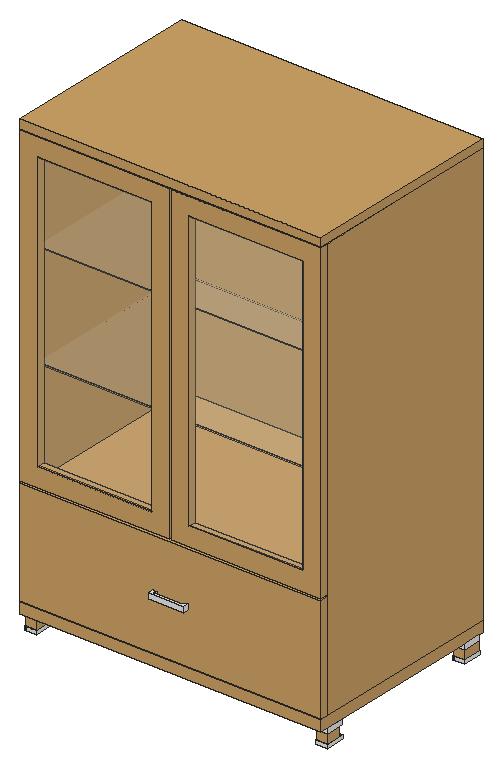
Revit family
Parameters (values of type "850x570x1300mm")
  Manufacturer = ""
  Model = ""
  폭 = 850 mm
  상단 면 재료 = 목재 - 티크, 폭, 약함
  지지 재료 = 목재 - 티크, 폭, 약함
  측면 재료 = 목재 - 티크, 길이, 약함
  중간 재료 = 목재 - 티크, 폭, 약함
  다리 재료 = 목재 - 티크, 길이, 약함
  선반 재료 = 흰색 유리
  손잡이 재료 = 금속 - 크롬(2)
  유리 문 재료 = 흰색 유리
  프레임 재료 = 금속 - 크롬(2)
  서랍 재료 = 목재 - 티크, 폭, 약함
  문 재료 = 목재 - 티크, 길이, 약함
  깊이 = 570 mm
  십자가 조각 재료 = 금속 - 크롬(2)
Types (4, lengths in mm): name | 폭 | 깊이
  (no name) | 850 | 570
  798x530x1300mm | 798 | 530
  820x550x1300mm | 820 | 550
  850x570x1300mm | 850 | 570
Reference planes
  plane 1 "중심(앞/뒤)": y = 8.5
  plane 2: z = 0
  plane 3 "중심(왼쪽/오른쪽)": x = 0
  plane 4: y = 313.5
  plane 5: y = -256.5
  plane 6: x = -425
  plane 7: x = 425
  plane 8: x = -395
  plane 9: x = 395
  plane 10: y = 300
  plane 11: y = 280
  plane 12: y = -236.5
  plane 13: y = -234.5
  plane 14: x = -380
  plane 15: x = 380
  plane 16: y = -185
  plane 17: z = 1300
  plane 18: z = 1275
  plane 19: z = 50
  plane 20: z = 35
  plane 21: z = 10
  plane 22: z = 80
  plane 23: z = 82
  plane 24: z = 382
  plane 25: z = 379.5
  plane 26: z = 384.5
  plane 27: z = 387
  plane 28: z = 389.5
  plane 29: x = -50
  plane 30: x = 50
  plane 31: x = -2.5
  plane 32: x = 2.5
  plane 33: z = 1273
  plane 34: z = 684.5
  plane 35: z = 979.5
  plane 36: z = 686.5
  plane 37: z = 682.5
  plane 38: z = 981.5
  plane 39: z = 977.5
  plane 40: y = -255
  plane 41: y = -253
  plane 42: y = -257
  plane 43: y = 250
  plane 44: z = 234
  plane 45: z = 241.5
  plane 46: z = 226.5
Forms (mm)
  Extrusion 1, solid, material "목재 - 티크, 길이, 약함" <- "측면 재료"
    sketch origin (0, 0, 0) x (1, 0, 0) y (0, 1, 0)
      loop
        line (-425, 313.5) -> (-425, -234.5) -> (-395, -234.5) -> (-395, 313.5) -> (-425, 313.5)
      loop
        line (425, 313.5) -> (395, 313.5) -> (395, -234.5) -> (425, -234.5) -> (425, 313.5)
    from 80 to 1275
  Extrusion 2, solid, material "목재 - 티크, 길이, 약함" <- "측면 재료"
    sketch origin (0, 0, 0) x (1, 0, 0) y (0, 1, 0)
      loop
        line (-395, 300) -> (-395, 280) -> (395, 280) -> (395, 300) -> (-395, 300)
    from 80 to 1275
  Extrusion 3, solid, material "목재 - 티크, 폭, 약함" <- "지지 재료"
    sketch origin (0, 0, 0) x (1, 0, 0) y (0, 1, 0)
      loop
        line (-425, 313.5) -> (-425, -256.5) -> (425, -256.5) -> (425, 313.5) -> (-425, 313.5)
    from 50 to 80
  Extrusion 4, solid, material "목재 - 티크, 폭, 약함" <- "상단 면 재료"
    sketch origin (0, 0, 0) x (1, 0, 0) y (0, 1, 0)
      loop
        line (-425, 313.5) -> (-425, -256.5) -> (425, -256.5) -> (425, 313.5) -> (-425, 313.5)
    from 1275 to 1300
  Extrusion 5, solid, material "목재 - 티크, 폭, 약함" <- "중간 재료"
    sketch origin (0, 0, 0) x (1, 0, 0) y (0, 1, 0)
      loop
        line (-395, 280) -> (-395, -234.5) -> (395, -234.5) -> (395, 280) -> (-395, 280)
    from 379.5 to 389.5
  Extrusion 6, solid, material "목재 - 티크, 폭, 약함" <- "서랍 재료"
    sketch origin (0, 0, 0) x (1, 0, 0) y (0, 1, 0)
      loop
        line (-425, -236.5) -> (-425, -256.5) -> (425, -256.5) -> (425, -236.5) -> (-425, -236.5)
    from 82 to 382
  Extrusion 7, solid, material "목재 - 티크, 길이, 약함" <- "문 재료"
    sketch origin (0, 8.5, 0) x (1, 0, 0) y (0, 0, 1)
      loop
        line (-425, 1273) -> (-425, 387) -> (-2.5, 387) -> (-2.5, 1273) -> (-425, 1273)
      loop
        line (-375, 1223) -> (-375, 439.5) -> (-52.5, 439.5) -> (-52.5, 1223) -> (-375, 1223)
      loop
        line (425, 1273) -> (2.5, 1273) -> (2.5, 387) -> (425, 387) -> (425, 1273)
      loop
        line (375, 1223) -> (52.5, 1223) -> (52.5, 439.5) -> (375, 439.5) -> (375, 1223)
    from 245 to 265
  Extrusion 8, solid, material "흰색 유리" <- "선반 재료"
    sketch origin (0, 0, 0) x (1, 0, 0) y (0, 1, 0)
      loop
        line (-395, 280) -> (-395, -234.5) -> (395, -234.5) -> (395, 280) -> (-395, 280)
    from 977.5 to 981.5
  Extrusion 9, solid, material "흰색 유리" <- "선반 재료"
    sketch origin (0, 0, 0) x (1, 0, 0) y (0, 1, 0)
      loop
        line (-395, 280) -> (-395, -234.5) -> (395, -234.5) -> (395, 280) -> (-395, 280)
    from 682.5 to 686.5
  Extrusion 10, solid, material "흰색 유리" <- "유리 문 재료"
    sketch origin (0, 0, 0) x (1, 0, 0) y (0, 1, 0)
      loop
        line (-375, -257) -> (-52.5, -257) -> (-52.5, -253) -> (-375, -253) -> (-375, -257)
      loop
        line (375, -257) -> (375, -253) -> (52.5, -253) -> (52.5, -257) -> (375, -257)
    from 439.5 to 1223
  Extrusion 11, solid, material "금속 - 크롬(2)" <- "십자가 조각 재료"
    sketch origin (0, 8.5, 0) x (1, 0, 0) y (0, 0, 1)
      loop
        line (-425, 50) -> (-425, 35) -> (-395, 35) -> (-380, 50) -> (-425, 50)
      loop
        line (425, 50) -> (380, 50) -> (395, 35) -> (425, 35) -> (425, 50)
    from 193.5 to 243
  Extrusion 12, solid, material "금속 - 크롬(2)" <- "십자가 조각 재료"
    sketch origin (0, 0, 0) x (1, 0, 0) y (0, 0, -1)
      loop
        line (-425, -50) -> (-380, -50) -> (-395, -35) -> (-425, -35) -> (-425, -50)
      loop
        line (425, -50) -> (425, -35) -> (395, -35) -> (380, -50) -> (425, -50)
    from 250 to 300
  Extrusion 13, solid, material "목재 - 티크, 길이, 약함" <- "다리 재료"
    sketch origin (0, 0, 0) x (1, 0, 0) y (0, 1, 0)
      loop
        line (-395, 250) -> (-395, 300) -> (-425, 300) -> (-425, 250) -> (-395, 250)
      loop
        line (395, 250) -> (425, 250) -> (425, 300) -> (395, 300) -> (395, 250)
    from 0 to 35
  Extrusion 14, solid, material "목재 - 티크, 길이, 약함" <- "다리 재료"
    sketch origin (0, 0, 0) x (1, 0, 0) y (0, 1, 0)
      loop
        line (-395, -185) -> (-425, -185) -> (-425, -234.5) -> (-395, -234.5) -> (-395, -185)
      loop
        line (395, -193) -> (395, -234.5) -> (425, -234.5) -> (425, -193) -> (395, -193)
    from 0 to 35
  Extrusion 15, solid, material "금속 - 크롬(2)" <- "프레임 재료"
    sketch origin (0, 0, 0) x (1, 0, 0) y (0, 1, 0)
      loop
        line (-425, -185) -> (-425, -234.5) -> (-395, -234.5) -> (-395, -185) -> (-425, -185)
      loop
        line (-427, -183) -> (-427, -236.5) -> (-393, -236.5) -> (-393, -183) -> (-427, -183)
      loop
        line (425, -185) -> (395, -185) -> (395, -234.5) -> (425, -234.5) -> (425, -185)
      loop
        line (427, -183) -> (393, -183) -> (393, -236.5) -> (427, -236.5) -> (427, -183)
      loop
        line (-425, 250) -> (-395, 250) -> (-395, 300) -> (-425, 300) -> (-425, 250)
      loop
        line (-427, 248) -> (-393, 248) -> (-393, 302) -> (-427, 302) -> (-427, 248)
      loop
        line (425, 250) -> (425, 300) -> (395, 300) -> (395, 250) -> (425, 250)
      loop
        line (427, 248) -> (427, 302) -> (393, 302) -> (393, 248) -> (427, 248)
    from 0 to 10
  Extrusion 16, solid, material "금속 - 크롬(2)" <- "손잡이 재료"
    sketch origin (0, 0, 0) x (1, 0, 0) y (0, 1, 0)
      loop
        line (-50, -256.5) -> (-50, -271.5) -> (50, -271.5) -> (50, -256.5) -> (40, -256.5) -> (40, -266.5) -> (-40, -266.5) -> (-40, -256.5) -> (-50, -256.5)
    from 226.5 to 241.5
Dimensions and locks
  plane 6 to plane 8 to plane 14 = 30 mm, 15 mm
  plane 29 to plane 31 to plane 3 "중심(왼쪽/오른쪽)" to plane 32 to plane 30 = 47.5 mm, 2.5 mm, 2.5 mm, 47.5 mm
  plane 15 to plane 9 to plane 7 = 15 mm, 30 mm
  equal spacing: plane 6, plane 3 "중심(왼쪽/오른쪽)", plane 7
  "폭": plane 6 to plane 7
  plane 43 to plane 11 to plane 10 to plane 4 = 30 mm, 20 mm, 13.5 mm
  "깊이": plane 5 to plane 4
  plane 42 to plane 5 to plane 40 to plane 41 to plane 12 to plane 13 to plane 16 = 0.5 mm, 1.5 mm, 2 mm, 16.5 mm, 2 mm, 49.5 mm
  plane 16 to plane 1 "중심(앞/뒤)" to plane 43 = 193.5 mm, 241.5 mm
  aligned and locked: plane 6 to Extrusion 1 sketch curve
  aligned and locked: plane 4 to Extrusion 1 sketch curve
  aligned and locked: plane 13 to Extrusion 1 sketch curve
  aligned and locked: plane 8 to Extrusion 1 sketch curve
  aligned and locked: Extrusion 1 to plane 18
  aligned and locked: plane 22 to Extrusion 1
  aligned and locked: plane 8 to Extrusion 2 sketch curve
  aligned and locked: plane 10 to Extrusion 2 sketch curve
  aligned and locked: plane 11 to Extrusion 2 sketch curve
  aligned and locked: plane 9 to Extrusion 2 sketch curve
  aligned and locked: Extrusion 2 to plane 18
  aligned and locked: plane 22 to Extrusion 2
  aligned and locked: Extrusion 3 sketch curve to Extrusion 1  (x2)
  aligned and locked: plane 7 to Extrusion 3 sketch curve
  aligned and locked: Extrusion 3 to plane 22
  aligned and locked: plane 19 to Extrusion 3
  aligned and locked: Extrusion 4 sketch curve to Extrusion 3  (x3)
  aligned and locked: Extrusion 4 to plane 17
  aligned and locked: plane 18 to Extrusion 4
  aligned and locked: Extrusion 2 to Extrusion 5 sketch curve
  aligned and locked: Extrusion 5 sketch curve to Extrusion 2
  aligned and locked: Extrusion 5 sketch curve to Extrusion 1
  aligned and locked: Extrusion 1 to Extrusion 5 sketch curve
  aligned and locked: Extrusion 5 to plane 28
  aligned and locked: plane 25 to Extrusion 5
  aligned and locked: plane 5 to Extrusion 3
  aligned and locked: plane 6 to Extrusion 6 sketch curve
  aligned and locked: plane 12 to Extrusion 6 sketch curve
  aligned and locked: Extrusion 3 to Extrusion 6 sketch curve
  aligned and locked: Extrusion 6 sketch curve to Extrusion 3
  aligned and locked: Extrusion 6 to plane 24
  aligned and locked: plane 23 to Extrusion 6
  aligned and locked: plane 6 to Extrusion 7 sketch curve
  aligned and locked: plane 33 to Extrusion 7 sketch curve
  aligned and locked: plane 27 to Extrusion 7 sketch curve
  aligned and locked: Extrusion 7 sketch curve to plane 31
  aligned and locked: plane 5 to Extrusion 7
  aligned and locked: Extrusion 7 to plane 12
  aligned and locked: Extrusion 8 sketch curve to Extrusion 5
  aligned and locked: Extrusion 8 sketch curve to Extrusion 2
  aligned and locked: Extrusion 5 to Extrusion 8 sketch curve
  aligned and locked: Extrusion 1 to Extrusion 8 sketch curve
  aligned and locked: plane 39 to Extrusion 8
  aligned and locked: Extrusion 8 to plane 38
  aligned and locked: Extrusion 9 sketch curve to Extrusion 5
  aligned and locked: Extrusion 9 sketch curve to Extrusion 2
  aligned and locked: Extrusion 5 to Extrusion 9 sketch curve
  aligned and locked: Extrusion 1 to Extrusion 9 sketch curve
  aligned and locked: plane 37 to Extrusion 9
  aligned and locked: Extrusion 9 to plane 36
  aligned and locked: Extrusion 7 to Extrusion 10 sketch curve
  aligned and locked: plane 42 to Extrusion 10 sketch curve
  aligned and locked: plane 41 to Extrusion 10 sketch curve
  aligned and locked: Extrusion 10 sketch curve to Extrusion 7
  aligned and locked: Extrusion 10 to Extrusion 7  (x2)
  aligned and locked: plane 13 to Extrusion 11
  aligned and locked: plane 43 to Extrusion 12
  aligned and locked: Extrusion 12 to plane 10
  aligned and locked: Extrusion 12 to Extrusion 13 sketch curve  (x2)
  aligned and locked: Extrusion 13 sketch curve to Extrusion 12  (x2)
  aligned and locked: Extrusion 13 to plane 20
  aligned and locked: Extrusion 14 to plane 16
  aligned and locked: plane 13 to Extrusion 14
  aligned and locked: Extrusion 11 to Extrusion 15 sketch curve
  aligned and locked: Extrusion 15 to plane 21
  aligned and locked: Extrusion 16 to plane 45
  aligned and locked: plane 46 to Extrusion 16
  aligned and locked: plane 4 to Extrusion 4
  aligned and locked: plane 5 to Extrusion 4
  aligned and locked: plane 16 to Extrusion 11  (x2)
  aligned and locked: Extrusion 11 to Extrusion 1
Automatic sketch dimensions
  Extrusion 1 sketch curve to plane 9 = 0 mm
  Extrusion 1 sketch curve to plane 7 = 0 mm
  Extrusion 1 sketch curve to plane 13 = 0 mm
  Extrusion 1 sketch curve to plane 4 = 0 mm
  Extrusion 3 sketch curve to plane 5 = 0 mm
  Extrusion 4 sketch curve to plane 5 = 0 mm
  Extrusion 7 sketch curve to plane 32 = 0 mm
  Extrusion 7 sketch curve to plane 7 = 0 mm
  Extrusion 7 sketch curve to plane 27 = 0 mm
  Extrusion 7 sketch curve to plane 33 = 0 mm
  Extrusion 7 sketch curve to plane 14 = 5 mm
  Extrusion 7 sketch curve to plane 29 = 2.5 mm
  plane 30 to Extrusion 7 sketch curve = 2.5 mm
  plane 15 to Extrusion 7 sketch curve = 5 mm
  Extrusion 7 sketch curve to plane 28 = 50 mm  (x2)
  plane 33 to Extrusion 7 sketch curve = 50 mm  (x2)
  Extrusion 10 sketch curve to plane 41 = 0 mm
  Extrusion 10 sketch curve to plane 42 = 0 mm
  plane 30 to Extrusion 10 sketch curve = 2.5 mm
  plane 15 to Extrusion 10 sketch curve = 5 mm
  Extrusion 11 sketch curve to plane 6 = 0 mm
  Extrusion 11 sketch curve to plane 8 = 0 mm
  Extrusion 11 sketch curve to plane 14 = 0 mm
  Extrusion 11 sketch curve to plane 15 = 0 mm
  Extrusion 11 sketch curve to plane 9 = 0 mm
  Extrusion 11 sketch curve to plane 7 = 0 mm
  Extrusion 11 sketch curve to plane 20 = 0 mm  (x2)
  Extrusion 11 sketch curve to plane 19 = 0 mm  (x2)
  Extrusion 12 sketch curve to plane 6 = 0 mm
  Extrusion 12 sketch curve to plane 8 = 0 mm
  Extrusion 12 sketch curve to plane 14 = 0 mm
  Extrusion 12 sketch curve to plane 15 = 0 mm
  Extrusion 12 sketch curve to plane 9 = 0 mm
  Extrusion 12 sketch curve to plane 7 = 0 mm
  Extrusion 12 sketch curve to plane 19 = 0 mm  (x2)
  Extrusion 12 sketch curve to plane 20 = 0 mm  (x2)
  Extrusion 13 sketch curve to plane 9 = 0 mm
  Extrusion 13 sketch curve to plane 7 = 0 mm
  Extrusion 13 sketch curve to plane 43 = 0 mm
  Extrusion 13 sketch curve to plane 10 = 0 mm
  Extrusion 14 sketch curve to plane 6 = 0 mm
  Extrusion 14 sketch curve to plane 8 = 0 mm
  Extrusion 14 sketch curve to plane 9 = 0 mm
  Extrusion 14 sketch curve to plane 7 = 0 mm
  plane 13 to Extrusion 14 sketch curve = 0 mm
  Extrusion 14 sketch curve to plane 13 = 0 mm
  plane 16 to Extrusion 14 sketch curve = 8 mm
  Extrusion 14 sketch curve to plane 16 = 0 mm
  Extrusion 15 sketch curve to plane 12 = 0 mm  (x2)
  Extrusion 15 sketch curve to plane 6 = 0 mm
  Extrusion 15 sketch curve to plane 8 = 0 mm  (x2)
  Extrusion 15 sketch curve to plane 9 = 0 mm  (x2)
  Extrusion 15 sketch curve to plane 7 = 0 mm  (x2)
  Extrusion 15 sketch curve to plane 13 = 0 mm  (x2)
  Extrusion 15 sketch curve to plane 16 = 0 mm  (x2)
  Extrusion 15 sketch curve to plane 43 = 0 mm  (x2)
  Extrusion 15 sketch curve to plane 10 = 0 mm  (x2)
  plane 6 to Extrusion 15 sketch curve = 2 mm  (x2)
  Extrusion 15 sketch curve to plane 8 = 2 mm  (x2)
  plane 9 to Extrusion 15 sketch curve = 2 mm  (x2)
  Extrusion 15 sketch curve to plane 7 = 2 mm  (x2)
  Extrusion 15 sketch curve to plane 16 = 2 mm  (x2)
  plane 43 to Extrusion 15 sketch curve = 2 mm  (x2)
  Extrusion 15 sketch curve to plane 10 = 2 mm  (x2)
  Extrusion 16 sketch curve to plane 5 = 0 mm  (x2)
  Extrusion 16 sketch curve to plane 29 = 0 mm
  Extrusion 16 sketch curve to plane 30 = 0 mm
  plane 29 to Extrusion 16 sketch curve = 10 mm
  Extrusion 16 sketch curve to plane 30 = 10 mm
  plane 5 to Extrusion 16 sketch curve = 10 mm
  Extrusion 16 sketch curve to Extrusion 16 sketch curve = 5 mm
